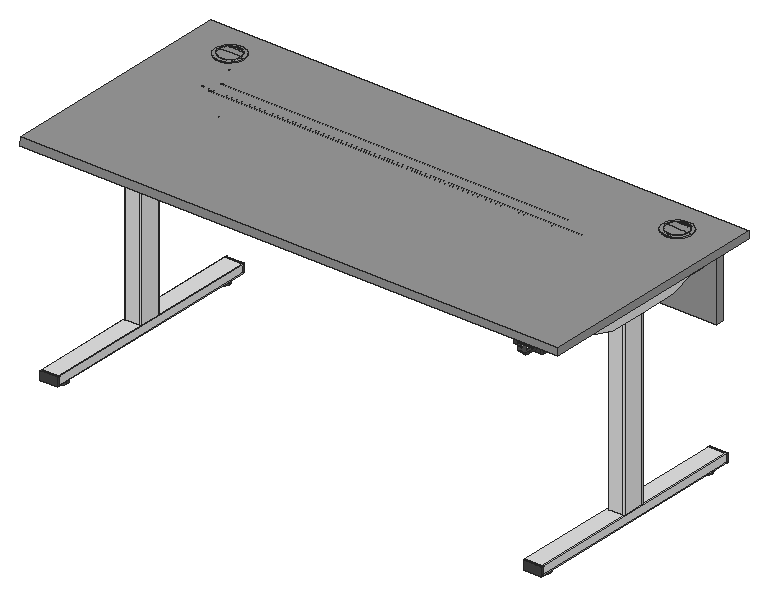
Revit family "Rise LT Rectangular Desk with Cable Ports", category Furniture, Revit 2016
Family settings
  OmniClass Number = 23.40.20.00
  OmniClass Title = General Furniture and Specialties
  Work Plane-Based = No
  Always vertical = Yes
  Cut with Voids When Loaded = No
  Shared = No
  Room Calculation Point = No
Parameters (values of type "1800 x 800 with Modesty Panel & Cable Tray")
  Width = 1800 mm
  URL = "www.gof.co.uk"
  Type Comments = ""
  Range = "RISE LT"
  Product Code = "HDLS18P"
  Modesty Panel Visible = yes
  Modesty Panel = "BTCPW18"
  HeightControl [instance] = if(Height < 720 mm, 720 mm, (if(Height > 1200 mm, 1200 mm, Height)))  # 727 mm
  Height [instance] = 727 mm
  Desktop = Gresham - Midnight Ash
  Model = ""
  Manufacturer = "Gresham Office Furniture"  # constant formula
  Frame = Gresham - Silver Metal
  Foot = Gresham - Black Plastic
  Cable Tray Visible = yes
  Cable Tray = "MECT18"
  Assembly Code = "E2020200"
Reference planes
  plane 1 "Center (Front/Back)": y = 0
  plane 2: z = 0
  plane 3 "Center (Left/Right)": x = 0
  plane 4: x = -900
  plane 5: x = 900
  plane 6 "Desktop Underside": z = 702
  plane 7: y = 400
  plane 8: y = -400
  plane 9 "Foot": z = 15
  plane 10: z = 727
  plane 11: x = 595.86
  plane 12: x = -595.86
  plane 13 "Control": x = 850
Forms (mm)
  Extrusion 1, solid, material "Gresham - Midnight Ash" <- "Desktop"
    sketch origin (0, 0, 702) x (-1, 0, 0) y (0, -1, 0)
      loop
        line (-900, 400) -> (-900, -400) -> (900, -400) -> (900, 400) -> (-900, 400)
    from 0 to 25
  Extrusion 2, solid, material "Gresham - Silver Metal" <- "Frame"
    sketch origin (-20.86, -302, 0) x (0, 1, 0) y (0, 0, 1)
      loop
        arc (344.5, 657) -> (346.621, 657.879) -> (347.5, 660) r 3
        line (347.5, 660) -> (347.5, 699)
        arc (347.5, 699) -> (346.621, 701.121) -> (344.5, 702) r 3
        line (344.5, 702) -> (307, 702) -> (307, 700) -> (344.5, 700)
        arc (344.5, 700) -> (345.207, 699.707) -> (345.5, 699) r 1
        line (345.5, 699) -> (345.5, 660)
        arc (345.5, 660) -> (345.207, 659.293) -> (344.5, 659) r 1
        line (344.5, 659) -> (310, 659)
        arc (310, 659) -> (309.293, 659.293) -> (309, 660) r 1
        line (309, 660) -> (309, 667) -> (307, 667) -> (307, 660)
        arc (307, 660) -> (307.879, 657.879) -> (310, 657) r 3
        line (310, 657) -> (344.5, 657)
    from -575 to 616.72
Dimensions and locks
  equal spacing: plane 4, plane 3 "Center (Left/Right)", plane 5
  "Width": plane 4 to plane 5
  equal spacing: plane 7, plane 1 "Center (Front/Back)", plane 8
  locked: plane 7 to plane 8 at 800
  locked: plane 2 to plane 9 "Foot" at 15
  "HeightControl": plane 10 to level
  plane 10 to plane 6 "Desktop Underside" = 25 mm
  locked: nested 1 to plane 5 at 60
  locked: plane 7 to nested 1 at 12
  locked: nested 2 to plane 4 at 60
  locked: Extrusion 2 sketch curve to Extrusion 2 sketch curve at 41
  locked: plane 7 to nested 2 at 12
  locked: plane 11 to plane 5 at 304.14
  locked: plane 4 to plane 12 at 304.14
  locked: plane 13 "Control" to plane 5 at 50
  locked: nested 4 to plane 5 at 150
  locked: plane 7 to nested 4 at 110
  locked: plane 4 to nested 5 at 150
  locked: plane 7 to nested 5 at 110
  locked: plane 4 to nested 6 at 87
  locked: plane 7 to nested 7 at 53.5
  locked: plane 6 "Desktop Underside" to nested 7 at 62
  aligned and locked: level to plane 2
  aligned and locked: plane 10 to Extrusion 1
  aligned and locked: plane 11 to Extrusion 2
  aligned and locked: plane 12 to Extrusion 2
  aligned and locked: nested 3 to plane 8
  aligned and locked: nested 3 to plane 13 "Control"
  aligned and locked: plane 6 "Desktop Underside" to nested 3
  aligned and locked: plane 10 to nested 4
  aligned and locked: nested 5 to plane 10
  aligned and locked: plane 6 "Desktop Underside" to nested 6
Automatic sketch dimensions
  Extrusion 2 sketch curve to Extrusion 2 sketch curve = 0 mm  (x7)
  Extrusion 2 sketch curve to plane 6 "Desktop Underside" = 0 mm
  Extrusion 2 sketch curve to plane 1 "Center (Front/Back)" = 5 mm
  Extrusion 2 sketch curve to plane 6 "Desktop Underside" = 2 mm
  Extrusion 2 sketch curve to Extrusion 2 sketch curve = 1 mm  (x2)
  Extrusion 2 sketch curve to Extrusion 2 sketch curve = 37.5 mm
  Extrusion 2 sketch curve to Extrusion 2 sketch curve = 34.5 mm
  Extrusion 2 sketch curve to Extrusion 2 sketch curve = 7 mm
  Extrusion 1 sketch curve to plane 5 = 0 mm
  Extrusion 1 sketch curve to plane 7 = 0 mm
  Extrusion 1 sketch curve to plane 4 = 0 mm
  plane 8 to Extrusion 1 sketch curve = 0 mm
Nested families
  nested 1: "Rise LT Leg" at (5, -202, 0), Height <- "HeightControl", type "Rise LT Leg"
    with HeightControl 727 mm, Height 727 mm
  nested 2: "Rise LT Leg" at (-5, -202, 0) x (-1, 0, 0) z (0, 0, 1), Height <- "HeightControl", type "Rise LT Leg"
    with HeightControl 727 mm, Height 727 mm
  nested 3: "Control" at (800, -367.5, 690), type "Controls"
  nested 4: "Cable Port" at (750, 290, 727), type "Round Port"
  nested 5: "Cable Port" at (-750, 290, 727) x (-1, 0, 0) z (0, 0, 1), type "Round Port"
  nested 6: "Modesty Panel" at (0, 0, 0), type "Modesty Panel"
    with HeightControl 727 mm, Height 727 mm
  nested 7: "Cable Tray" at (0, 0, -0.5), Height <- "Height", type "Cable Tray"
    with HeightControl 727 mm, Height 727 mm
Definition of nested family "Rise LT Leg"
  Parameters (values of type "Rise LT Leg")
    Width = 1800 mm
    URL = "www.gof.co.uk"
    Type Comments = ""
    Range = "RISE LT"
    Product Code = ""
    Model = ""
    Manufacturer = "Gresham Office Furniture"  # constant formula
    HeightControl [instance] = if(Height < 720 mm, 720 mm, (if(Height > 1200 mm, 1200 mm, Height)))  # 727 mm
    Height [instance] = 727 mm
    Frame = none
    Foot = none
    Bung = none
    Assembly Code = "E2020200"
  Reference planes
    plane 1 "Center (Front/Back)": y = 200
    plane 2: z = 0
    plane 3 "Center (Left/Right)": x = 0
    plane 4: x = -900
    plane 5: x = 900
    plane 6 "Desktop": z = 727
    plane 7: y = 600
    plane 8: y = -200
    plane 9 "Foot": z = 15
    plane 10 "Desktop Underside": z = 702
    plane 11 "Max Height": z = 1200
    plane 12 "Max Desktop Underside": z = 1175
  Forms (mm)
    Extrusion 1, solid, material <- "Frame"
      sketch origin (0, 0, 727) x (-1, 0, 0) y (0, -1, 0)
        loop
          line (-827.511, -240) -> (-782.511, -240)
          arc (-782.511, -240) -> (-778.976, -238.536) -> (-777.511, -235) r 5
          line (-777.511, -235) -> (-777.511, -165)
          arc (-777.511, -165) -> (-778.976, -161.464) -> (-782.511, -160) r 5
          line (-782.511, -160) -> (-827.511, -160)
          arc (-827.511, -160) -> (-831.047, -161.464) -> (-832.511, -165) r 5
          line (-832.511, -165) -> (-832.511, -235)
          arc (-832.511, -235) -> (-831.047, -238.536) -> (-827.511, -240) r 5
      from -682 to -82
    Extrusion 2, solid, material <- "Frame"
      sketch origin (0, 200, 0) x (1, 0, 0) y (0, 0, 1)
        loop
          line (833, 45) -> (777, 45)
          arc (777, 45) -> (775.586, 44.414) -> (775, 43) r 2
          line (775, 43) -> (775, 17)
          arc (775, 17) -> (775.586, 15.586) -> (777, 15) r 2
          line (777, 15) -> (833, 15)
          arc (833, 15) -> (834.414, 15.586) -> (835, 17) r 2
          line (835, 17) -> (835, 43)
          arc (835, 43) -> (834.414, 44.414) -> (833, 45) r 2
      from -385 to 385
    Extrusion 3, solid, material <- "Frame"
      sketch origin (0, 200, 70) x (1, 0, 0) y (0, 0, 1)
        loop
          line (842.511, 632) -> (590.86, 632) -> (590.86, 617)
          arc (590.86, 617) -> (599.647, 595.787) -> (620.86, 587) r 30
          line (620.86, 587) -> (842.511, 587) -> (842.511, 632)
      from -47.5 to 47.5
    Extrusion 4, solid, material <- "Frame"
      sketch origin (0, 200, 70) x (1, 0, 0) y (0, 0, 1)
        loop
          line (842.511, 632) -> (842.511, 622) -> (844.511, 622) -> (844.511, 630.159) -> (860.511, 630.159) -> (860.511, 579) -> (843.693, 579) -> (843.693, 582.43) -> (841.693, 582.43) -> (841.693, 577) -> (862.511, 577) -> (862.511, 632) -> (842.511, 632)
      from -275 to 275
    Extrusion 5, void
      sketch origin (870.011, 200, 1175) x (0, 0, 1) y (0, 1, 0)
        loop
          line (-528, 0) -> (-528, 125) -> (-483, 275) -> (-473, 275) -> (-473, 333.867) -> (-576.413, 333.867) -> (-576.413, 0) -> (-576.413, -333.867) -> (-473, -333.867) -> (-473, -275) -> (-483, -275) -> (-528, -125) -> (-528, 0)
      from -29.989 to 70.011
    Extrusion 6, solid, material <- "Frame"
      sketch origin (0, 0, 727) x (-1, 0, 0) y (0, -1, 0)
        loop
          line (-827.511, -238) -> (-782.511, -238)
          arc (-782.511, -238) -> (-780.39, -237.121) -> (-779.511, -235) r 3
          line (-779.511, -235) -> (-779.511, -165)
          arc (-779.511, -165) -> (-780.39, -162.879) -> (-782.511, -162) r 3
          line (-782.511, -162) -> (-827.511, -162)
          arc (-827.511, -162) -> (-829.633, -162.879) -> (-830.511, -165) r 3
          line (-830.511, -165) -> (-830.511, -235)
          arc (-830.511, -235) -> (-829.633, -237.121) -> (-827.511, -238) r 3
      from -82 to -70
    Revolve 7, solid, material <- "Foot"
      sketch origin (0, 540, 0) x (1, 0, 0) y (0, 0, 1)
        loop
          line (804.324, 0) -> (824.324, 0) -> (814.324, 15) -> (804.324, 15) -> (804.324, 0)
        axis (804.324, 15) -> (804.324, 0)
      angle from 0 to 360
    Revolve 8, solid, material <- "Foot"
      sketch origin (0, -140, 0) x (1, 0, 0) y (0, 0, -1)
        loop
          line (804.324, 0) -> (804.324, -15) -> (814.324, -15) -> (824.324, 0) -> (804.324, 0)
        axis (804.324, -15) -> (804.324, 0)
      angle from 0 to 360
    Extrusion 9, solid, material <- "Bung"
      sketch origin (0, 201.489, 0) x (1, 0, 0) y (0, 0, 1)
        loop
          line (833, 45) -> (777, 45)
          arc (777, 45) -> (775.586, 44.414) -> (775, 43) r 2
          line (775, 43) -> (775, 17)
          arc (775, 17) -> (775.586, 15.586) -> (777, 15) r 2
          line (777, 15) -> (833, 15)
          arc (833, 15) -> (834.414, 15.586) -> (835, 17) r 2
          line (835, 17) -> (835, 43)
          arc (835, 43) -> (834.414, 44.414) -> (833, 45) r 2
      from 386.489 to 391.489
    Extrusion 10, solid, material <- "Bung"
      sketch origin (0, 198.511, 0) x (1, 0, 0) y (0, 0, -1)
        loop
          arc (833, -45) -> (834.414, -44.414) -> (835, -43) r 2
          line (835, -43) -> (835, -17)
          arc (835, -17) -> (834.414, -15.586) -> (833, -15) r 2
          line (833, -15) -> (777, -15)
          arc (777, -15) -> (775.586, -15.586) -> (775, -17) r 2
          line (775, -17) -> (775, -43)
          arc (775, -43) -> (775.586, -44.414) -> (777, -45) r 2
          line (777, -45) -> (833, -45)
      from 386.489 to 391.489
  Cuts and joins
    Extrusion 5 cuts Extrusion 4
  Dimensions and locks
    equal spacing: plane 4, plane 3 "Center (Left/Right)", plane 5
    "Width": plane 4 to plane 5
    equal spacing: plane 7, plane 1 "Center (Front/Back)", plane 8
    locked: plane 7 to plane 8 at 800
    locked: plane 9 "Foot" to level at 15
    locked: plane 6 "Desktop" to plane 10 "Desktop Underside" at 25
    locked: plane 5 to Extrusion 2 at 65
    Extrusion 3 to Extrusion 3 = 95 mm
    plane 1 "Center (Front/Back)" to Extrusion 4 = 275 mm
    equal spacing: Extrusion 4, plane 1 "Center (Front/Back)", Extrusion 4
    plane 11 "Max Height" to level = 1200 mm
    locked: Extrusion 3 sketch curve to Extrusion 3 sketch curve at 45
    locked: Extrusion 5 sketch curve to Extrusion 5 sketch curve at 103.413
    "HeightControl": plane 6 "Desktop" to level
    locked: Extrusion 1 to level at 645
    locked: Extrusion 2 to Extrusion 2 at 30
    Extrusion 2 to Revolve 7 = 45 mm
    locked: Extrusion 9 to Extrusion 9 at 5
    locked: Extrusion 5 to plane 5 at 100
    locked: Extrusion 10 to Extrusion 10 at 5
    plane 9 "Foot" to level = 15 mm
    Revolve 8 to Extrusion 9 = 45 mm
    locked: Extrusion 3 to plane 5 at 309.14
    aligned and locked: level to plane 2
    aligned and locked: Extrusion 6 to Extrusion 3
    aligned and locked: Extrusion 6 to Extrusion 1
    aligned and locked: Extrusion 2 to plane 9 "Foot"
    aligned and locked: Extrusion 1 to Extrusion 2
    aligned and locked: Extrusion 2 to Extrusion 9
    aligned and locked: Extrusion 5 to plane 5
    aligned and locked: Extrusion 2 to Extrusion 10
  Automatic sketch dimensions
    plane 1 "Center (Front/Back)" to Extrusion 1 sketch curve = 35 mm
    plane 5 to Extrusion 1 sketch curve = 67.489 mm
    Extrusion 1 sketch curve to Extrusion 1 sketch curve = 5 mm  (x3)
    Extrusion 1 sketch curve to Extrusion 1 sketch curve = 45 mm  (x2)
    Extrusion 1 sketch curve to plane 1 "Center (Front/Back)" = 35 mm
    Extrusion 2 sketch curve to plane 9 "Foot" = 0 mm
    plane 9 "Foot" to Extrusion 2 sketch curve = 2 mm  (x2)
    plane 5 to Extrusion 2 sketch curve = 125 mm
    Extrusion 2 sketch curve to Extrusion 2 sketch curve = 2 mm
    Extrusion 2 sketch curve to Extrusion 2 sketch curve = 56 mm
    Extrusion 2 sketch curve to Extrusion 2 sketch curve = 0 mm
    Extrusion 2 sketch curve to Extrusion 2 sketch curve = 26 mm
    Extrusion 3 sketch curve to plane 10 "Desktop Underside" = 0 mm
    plane 3 "Center (Left/Right)" to Extrusion 3 sketch curve = 590.86 mm
    Extrusion 3 sketch curve to Extrusion 3 sketch curve = 30 mm
    plane 5 to Extrusion 3 sketch curve = 57.489 mm
    Extrusion 4 sketch curve to plane 10 "Desktop Underside" = 0 mm
    plane 5 to Extrusion 4 sketch curve = 58.307 mm
    Extrusion 4 sketch curve to plane 10 "Desktop Underside" = 10 mm
    Extrusion 4 sketch curve to Extrusion 4 sketch curve = 0.819 mm
    Extrusion 4 sketch curve to Extrusion 4 sketch curve = 2 mm  (x4)
    Extrusion 4 sketch curve to plane 10 "Desktop Underside" = 1.841 mm
    Extrusion 4 sketch curve to Extrusion 4 sketch curve = 16 mm
    Extrusion 4 sketch curve to Extrusion 4 sketch curve = 39.57 mm
    Extrusion 4 sketch curve to Extrusion 4 sketch curve = 3.43 mm
    Extrusion 5 sketch curve to plane 1 "Center (Front/Back)" = 0 mm  (x2)
    Extrusion 5 sketch curve to plane 10 "Desktop Underside" = 0 mm  (x2)
    Extrusion 5 sketch curve to plane 10 "Desktop Underside" = 55 mm
    Extrusion 5 sketch curve to plane 10 "Desktop Underside" = 10 mm  (x2)
    Extrusion 5 sketch curve to Extrusion 5 sketch curve = 125 mm
    plane 8 to Extrusion 5 sketch curve = 125 mm
    Extrusion 5 sketch curve to Extrusion 5 sketch curve = 58.867 mm
    Extrusion 5 sketch curve to plane 1 "Center (Front/Back)" = 125 mm
    Extrusion 5 sketch curve to plane 7 = 125 mm
    Extrusion 5 sketch curve to plane 7 = 66.133 mm
    plane 1 "Center (Front/Back)" to Extrusion 6 sketch curve = 35 mm
    plane 5 to Extrusion 6 sketch curve = 69.489 mm
    Extrusion 6 sketch curve to Extrusion 6 sketch curve = 3 mm  (x3)
    Extrusion 6 sketch curve to Extrusion 6 sketch curve = 45 mm  (x2)
    Extrusion 6 sketch curve to plane 1 "Center (Front/Back)" = 35 mm
    Revolve 7 sketch curve to level = 0 mm
    Revolve 7 sketch curve to plane 9 "Foot" = 0 mm  (x2)
    plane 5 to Revolve 7 sketch curve = 95.676 mm
    Revolve 7 sketch curve to Revolve 7 sketch curve = 10 mm  (x2)
    Revolve 7 sketch curve to Revolve 7 sketch curve = 0 mm
    Revolve 7 sketch curve to Revolve 7 sketch curve = 11.548 mm
    Revolve 8 sketch curve to level = 0 mm
    Revolve 8 sketch curve to plane 9 "Foot" = 0 mm  (x2)
    plane 5 to Revolve 8 sketch curve = 95.676 mm
    Revolve 8 sketch curve to Revolve 8 sketch curve = 10 mm  (x2)
    Revolve 8 sketch curve to Revolve 8 sketch curve = 0 mm
    Revolve 8 sketch curve to Revolve 8 sketch curve = 11.548 mm
    Extrusion 9 sketch curve to plane 9 "Foot" = 0 mm
    plane 9 "Foot" to Extrusion 9 sketch curve = 28 mm
    plane 5 to Extrusion 9 sketch curve = 125 mm
    Extrusion 9 sketch curve to Extrusion 9 sketch curve = 2 mm  (x3)
    Extrusion 9 sketch curve to Extrusion 9 sketch curve = 56 mm
    Extrusion 9 sketch curve to Extrusion 9 sketch curve = 0 mm
    Extrusion 10 sketch curve to plane 9 "Foot" = 0 mm
    plane 9 "Foot" to Extrusion 10 sketch curve = 28 mm
    plane 5 to Extrusion 10 sketch curve = 125 mm
    Extrusion 10 sketch curve to Extrusion 10 sketch curve = 2 mm  (x3)
    Extrusion 10 sketch curve to Extrusion 10 sketch curve = 56 mm
    Extrusion 10 sketch curve to Extrusion 10 sketch curve = 0 mm
Definition of nested family "Control"
  Parameters (values of type "Controls")
    URL = "www.gof.co.uk"
    Rubber Keys = none
    Range = "RANGE LT"
    Product Code = "Controls"
    Plastic Case = none
    Manufacturer = "Gresham Office Furniture"  # constant formula
  Reference planes
    plane 1 "Center (Front/Back)": y = 0
    plane 2: z = 0
    plane 3 "Center (Left/Right)": x = 0
  Forms (mm)
    Extrusion 1, solid, material <- "Plastic Case"
      sketch origin (0, 0, 0) x (1, 0, 0) y (0, 1, 0)
        loop
          arc (-45, 32.5) -> (-48.536, 31.036) -> (-50, 27.5) r 5
          line (-50, 27.5) -> (-50, -27.5)
          arc (-50, -27.5) -> (-48.536, -31.036) -> (-45, -32.5) r 5
          line (-45, -32.5) -> (45, -32.5)
          arc (45, -32.5) -> (48.536, -31.036) -> (50, -27.5) r 5
          line (50, -27.5) -> (50, 27.5)
          arc (50, 27.5) -> (48.536, 31.036) -> (45, 32.5) r 5
          line (45, 32.5) -> (-45, 32.5)
      from 0 to 12
    Sweep 2, solid, material <- "Plastic Case"
      path origin (0, 0, 2) x (0, 1, 0) y (0, 0, 1)
        loop
          line (-32.5, 6) -> (-36.392, 6)
          arc (-36.392, 6) -> (-37.474, 5.881) -> (-38.505, 5.532) r 5
          line (-38.505, 5.532) -> (-55.626, -2.452)
      profile origin (0, -34.446, 8) x (0, 0, -1) y (1, 0, 0)
        loop
          line (-4, 30) -> (-4, -30) -> (4, -30) -> (4, 30) -> (-4, 30)
    Extrusion 3, void
      sketch origin (-30, -40.195, 11.157) x (0, -0.906308, -0.422618) y (1, 0, 0)
        loop
          line (18.892, 75) -> (-7.33, 75) -> (-7.33, 60) -> (10.178, 50.091)
          arc (10.178, 50.091) -> (14.833, 46.912) -> (18.892, 43) r 33.579
          line (18.892, 43) -> (18.892, 75)
      from -13.674 to 7.77
    Extrusion 4, void
      sketch origin (30, -40.195, 11.157) x (0, -0.906308, -0.422618) y (1, 0, 0)
        loop
          line (18.892, -75) -> (18.892, -43)
          arc (18.892, -43) -> (14.833, -46.912) -> (10.178, -50.091) r 33.579
          line (10.178, -50.091) -> (-7.33, -60) -> (-7.33, -75) -> (18.892, -75)
      from -13.674 to 7.77
    Extrusion 5, solid, material <- "Rubber Keys"
      sketch origin (-30, -40.195, 11.157) x (0, -0.906308, -0.422618) y (1, 0, 0)
        loop
          line (0.281, 19.363) -> (8.531, 14.6) -> (8.531, 24.126) -> (0.281, 19.363)
        loop
          line (0.656, 35.874) -> (8.906, 40.637) -> (0.656, 45.4) -> (0.656, 35.874)
      from 0 to 1.5
  Cuts and joins
    Extrusion 3, Extrusion 4 cuts Sweep 2
  Dimensions and locks
    aligned and locked: level to plane 2
Definition of nested family "Cable Port"
  Parameters (values of type "Round Port")
    URL = "www.gof.co.uk"
    Range = "Round Cable Port"
    Product Code = "80mm Round Port"
    Round Cable Port = none
    Manufacturer = "Gresham Office Furniture"  # constant formula
  Reference planes
    plane 1 "Center (Front/Back)": y = 0
    plane 2: z = 0
    plane 3 "Center (Left/Right)": x = 0
  Forms (mm)
    Revolve 1, solid, material <- "Round Cable Port"
      sketch origin (0, 0, 0) x (1, 0, 0) y (0, 0, 1)
        loop
          line (0, 0) -> (47.5, 0) -> (47.5, 1)
          arc (47.5, 1) -> (42.507, 1.801) -> (37.5, 2.514) r 284.031
          line (37.5, 2.514) -> (37.5, 1.257) -> (36.5, 1.257) -> (36.5, 2.645)
          arc (36.5, 2.645) -> (18.288, 4.411) -> (0, 5) r 284.031
          line (0, 5) -> (0, 0)
        axis (0, 5) -> (0, 0)
      angle from 0 to 360
    Extrusion 2, void
      sketch origin (0, 0, 0) x (1, 0, 0) y (0, 1, 0)
        loop
          arc (-27.582, 25.406) -> (0, 21.5) -> (27.582, 25.406) r 99.34
          arc (27.582, 25.406) -> (0, 37.5) -> (-27.582, 25.406) r 37.5
      from -2.617 to 7.057
    Extrusion 3, solid, material <- "Round Cable Port"
      sketch origin (0, 0, 0) x (1, 0, 0) y (0, 1, 0)
        loop
          arc (27.582, 25.406) -> (0, 37.5) -> (-27.582, 25.406) r 37.5
          arc (-27.582, 25.406) -> (0, 21.5) -> (27.582, 25.406) r 99.34
      from 0 to 1
  Cuts and joins
    Extrusion 2 cuts Revolve 1
  Dimensions and locks
    aligned and locked: level to plane 2
Definition of nested family "Modesty Panel"
  Parameters (values of type "Modesty Panel")
    Width = 1800 mm
    URL = "www.gof.co.uk"
    Type Comments = ""
    Range = "RISE LT"
    Product Code = ""
    Modesty Panel Visible = yes
    Modesty Panel = none
    HeightControl [instance] = if(Height < 720 mm, 720 mm, (if(Height > 1200 mm, 1200 mm, Height)))  # 727 mm
    Height [instance] = 727 mm
    Desktop = none
    Model = ""
    Manufacturer = "Gresham Office Furniture"  # constant formula
    Frame = none
    Foot = none
    Assembly Code = "E2020200"
  Reference planes
    plane 1 "Center (Front/Back)": y = 0
    plane 2: z = 0
    plane 3 "Center (Left/Right)": x = 0
    plane 4: x = -900
    plane 5: x = 900
    plane 6 "Desktop Underside": z = 702
    plane 7: y = 400
    plane 8: y = -400
    plane 9 "Foot": z = 15
    plane 10: z = 727
    plane 11 "Modesty Panel": x = -593
    plane 12: x = 593
    plane 13: z = 425
    plane 14: z = 677
    plane 15: y = 375
    plane 16: x = 568
    plane 17: x = -568
    plane 18: x = -813
    plane 19: x = 813
  Forms (mm)
    Extrusion 1, solid, material <- "Frame", visible <- "Modesty Panel Visible"
      sketch origin (-593, 43.228, 0) x (0, 1, 0) y (0, 0, 1)
        loop
          line (161.772, 702) -> (161.772, 677) -> (306.772, 677) -> (306.772, 432) -> (331.772, 432) -> (331.772, 702) -> (161.772, 702)
      from 0 to 25
    Extrusion 2, solid, material <- "Frame", visible <- "Modesty Panel Visible"
      sketch origin (593, 43.228, 0) x (0, 1, 0) y (0, 0, -1)
        loop
          line (161.772, -702) -> (331.772, -702) -> (331.772, -432) -> (306.772, -432) -> (306.772, -677) -> (161.772, -677) -> (161.772, -702)
      from 0 to 25
    Extrusion 3, solid, material <- "Modesty Panel", visible <- "Modesty Panel Visible"
      sketch origin (0, 0, 0) x (0, 1, 0) y (0, 0, 1)
        loop
          line (375, 677) -> (375, 425) -> (400, 425) -> (400, 677) -> (375, 677)
      from -813 to 813
  Dimensions and locks
    equal spacing: plane 4, plane 3 "Center (Left/Right)", plane 5
    "Width": plane 4 to plane 5
    equal spacing: plane 7, plane 1 "Center (Front/Back)", plane 8
    locked: plane 7 to plane 8 at 800
    locked: plane 2 to plane 9 "Foot" at 15
    "HeightControl": plane 10 to level
    locked: plane 10 to plane 6 "Desktop Underside" at 25
    locked: Extrusion 1 sketch curve to Extrusion 1 sketch curve at 170
    locked: Extrusion 1 sketch curve to Extrusion 1 sketch curve at 25  (x2)
    locked: Extrusion 1 sketch curve to Extrusion 1 sketch curve at 270
    locked: Extrusion 1 to Extrusion 1 at 25
    locked: plane 7 to Extrusion 1 at 25
    locked: plane 11 "Modesty Panel" to plane 4 at 307
    locked: plane 12 to plane 5 at 307
    locked: Extrusion 2 sketch curve to Extrusion 2 sketch curve at 170
    locked: Extrusion 2 sketch curve to Extrusion 2 sketch curve at 25  (x2)
    locked: Extrusion 2 sketch curve to Extrusion 2 sketch curve at 270
    locked: Extrusion 2 to Extrusion 2 at 25
    locked: Extrusion 1 to plane 13 at 7
    locked: plane 6 "Desktop Underside" to plane 14 at 25
    locked: plane 7 to plane 15 at 25
    locked: plane 16 to plane 12 at 25
    locked: plane 17 to plane 11 "Modesty Panel" at 25
    locked: plane 13 to plane 14 at 252
    locked: plane 4 to plane 18 at 87
    locked: plane 19 to plane 5 at 87
    aligned and locked: level to plane 2
    aligned and locked: plane 6 "Desktop Underside" to Extrusion 1
    aligned and locked: Extrusion 1 to plane 11 "Modesty Panel"
    aligned and locked: Extrusion 2 to plane 12
    aligned and locked: Extrusion 3 to plane 14
    aligned and locked: Extrusion 3 to plane 13
    aligned and locked: Extrusion 3 to plane 18
    aligned and locked: Extrusion 3 to plane 19
  Automatic sketch dimensions
    Extrusion 1 sketch curve to plane 6 "Desktop Underside" = 0 mm
    Extrusion 1 sketch curve to plane 7 = 195 mm
    Extrusion 2 sketch curve to plane 6 "Desktop Underside" = 0 mm
    Extrusion 2 sketch curve to plane 7 = 195 mm
    Extrusion 3 sketch curve to plane 13 = 0 mm
    Extrusion 3 sketch curve to plane 15 = 0 mm
    Extrusion 3 sketch curve to plane 7 = 0 mm
    plane 14 to Extrusion 3 sketch curve = 0 mm
Definition of nested family "Cable Tray"
  Parameters (values of type "Cable Tray")
    Width = 1800 mm
    URL = "www.gof.co.uk"
    Type Comments = ""
    Range = "RISE LT"
    Product Code = ""
    Modesty Panel = none
    HeightControl [instance] = if(Height < 720 mm, 720 mm, (if(Height > 1200 mm, 1200 mm, Height)))  # 727 mm
    Height [instance] = 727 mm
    Desktop = none
    Model = ""
    Manufacturer = "Gresham Office Furniture"  # constant formula
    Frame = none
    Foot = none
    Cable Tray Clips = none
    Cable Tray = yes
    Assembly Code = "E2020200"
  Reference planes
    plane 1 "Center (Front/Back)": y = 0
    plane 2: z = 0
    plane 3 "Center (Left/Right)": x = 0
    plane 4: x = -900
    plane 5: x = 900
    plane 6 "Desktop Underside": z = 702
    plane 7: y = 400
    plane 8: y = -400
    plane 9 "Foot": z = 15
    plane 10: z = 727
    plane 11 "Cable Tray Left": x = -800
    plane 12 "Cable Tray Right": x = 800
  Forms (mm)
    Extrusion 1, solid, material <- "Frame", visible <- "Cable Tray"
      sketch origin (0, 12.089, -4.885) x (0, 1, 0) y (0, 0, 1)
        loop
          circle (301.911, 615.385) r 1.5
        loop
          circle (251.911, 615.385) r 1.5
        loop
          circle (220.911, 645.385) r 1.5
        loop
          circle (332.911, 645.385) r 1.5
      from -800 to 800
    Sweep 2, solid, material <- "Frame", visible <- "Cable Tray"
      path in 3D
        loop
          line (0, 341.76, 640.5) -> (0, 333.661, 615.573)
          arc (0, 333.661, 615.573) -> (0, 332.571, 614.073) -> (0, 330.808, 613.5) r 3
          line (0, 330.808, 613.5) -> (0, 247.192, 613.5)
          arc (0, 247.192, 613.5) -> (0, 245.429, 614.073) -> (0, 244.339, 615.573) r 3
          line (0, 244.339, 615.573) -> (0, 236.24, 640.5)
      profile origin (0, 289, 613.5) x (0, 0, 1) y (-1, 0, 0)
        loop
          circle (0, 0) r 1.5
    Sweep 3, solid, material <- "Frame", visible <- "Cable Tray", not visible
      path in 3D
        loop
          line (0, 329.671, 645.385) -> (0, 321.572, 620.458)
          arc (0, 321.572, 620.458) -> (0, 320.482, 618.958) -> (0, 318.719, 618.385) r 3
          line (0, 318.719, 618.385) -> (0, 235.103, 618.385)
          arc (0, 235.103, 618.385) -> (0, 233.34, 618.958) -> (0, 232.25, 620.458) r 3
          line (0, 232.25, 620.458) -> (0, 224.151, 645.385)
      profile origin (0, 276.911, 618.385) x (0, 0, 1) y (-1, 0, 0)
        loop
          circle (0, 0) r 1.5
    Sweep 4, solid, material <- "Frame", visible <- "Cable Tray"
      path in 3D
        loop
          line (800, 342.073, 640.5) -> (800, 333.974, 615.573)
          arc (800, 333.974, 615.573) -> (800, 332.884, 614.073) -> (800, 331.121, 613.5) r 3
          line (800, 331.121, 613.5) -> (800, 247.505, 613.5)
          arc (800, 247.505, 613.5) -> (800, 245.742, 614.073) -> (800, 244.652, 615.573) r 3
          line (800, 244.652, 615.573) -> (800, 236.553, 640.5)
      profile origin (800, 289.313, 613.5) x (0, 0, 1) y (-1, 0, 0)
        loop
          circle (0, 0) r 1.5
    Sweep 5, solid, material <- "Frame", visible <- "Cable Tray"
      path in 3D
        loop
          line (-800, 342.073, 640.5) -> (-800, 333.974, 615.573)
          arc (-800, 333.974, 615.573) -> (-800, 332.884, 614.073) -> (-800, 331.121, 613.5) r 3
          line (-800, 331.121, 613.5) -> (-800, 247.505, 613.5)
          arc (-800, 247.505, 613.5) -> (-800, 245.742, 614.073) -> (-800, 244.652, 615.573) r 3
          line (-800, 244.652, 615.573) -> (-800, 236.553, 640.5)
      profile origin (-800, 289.313, 613.5) x (0, 0, 1) y (-1, 0, 0)
        loop
          circle (0, 0) r 1.5
    Sweep 6, solid, material <- "Frame", visible <- "Cable Tray"
      path in 3D
        loop
          line (100, 341.76, 640.5) -> (100, 333.661, 615.573)
          arc (100, 333.661, 615.573) -> (100, 332.571, 614.073) -> (100, 330.808, 613.5) r 3
          line (100, 330.808, 613.5) -> (100, 247.192, 613.5)
          arc (100, 247.192, 613.5) -> (100, 245.429, 614.073) -> (100, 244.339, 615.573) r 3
          line (100, 244.339, 615.573) -> (100, 236.24, 640.5)
      profile origin (100, 289, 613.5) x (0, 0, 1) y (-1, 0, 0)
        loop
          circle (0, 0) r 1.5
    Sweep 7, solid, material <- "Frame", visible <- "Cable Tray"
      path in 3D
        loop
          line (300, 341.76, 640.5) -> (300, 333.661, 615.573)
          arc (300, 333.661, 615.573) -> (300, 332.571, 614.073) -> (300, 330.808, 613.5) r 3
          line (300, 330.808, 613.5) -> (300, 247.192, 613.5)
          arc (300, 247.192, 613.5) -> (300, 245.429, 614.073) -> (300, 244.339, 615.573) r 3
          line (300, 244.339, 615.573) -> (300, 236.24, 640.5)
      profile origin (300, 289, 613.5) x (0, 0, 1) y (-1, 0, 0)
        loop
          circle (0, 0) r 1.5
    Sweep 8, solid, material <- "Frame", visible <- "Cable Tray"
      path in 3D
        loop
          line (400, 341.76, 640.5) -> (400, 333.661, 615.573)
          arc (400, 333.661, 615.573) -> (400, 332.571, 614.073) -> (400, 330.808, 613.5) r 3
          line (400, 330.808, 613.5) -> (400, 247.192, 613.5)
          arc (400, 247.192, 613.5) -> (400, 245.429, 614.073) -> (400, 244.339, 615.573) r 3
          line (400, 244.339, 615.573) -> (400, 236.24, 640.5)
      profile origin (400, 289, 613.5) x (0, 0, 1) y (-1, 0, 0)
        loop
          circle (0, 0) r 1.5
    Sweep 9, solid, material <- "Frame", visible <- "Cable Tray"
      path in 3D
        loop
          line (500, 341.76, 640.5) -> (500, 333.661, 615.573)
          arc (500, 333.661, 615.573) -> (500, 332.571, 614.073) -> (500, 330.808, 613.5) r 3
          line (500, 330.808, 613.5) -> (500, 247.192, 613.5)
          arc (500, 247.192, 613.5) -> (500, 245.429, 614.073) -> (500, 244.339, 615.573) r 3
          line (500, 244.339, 615.573) -> (500, 236.24, 640.5)
      profile origin (500, 289, 613.5) x (0, 0, 1) y (-1, 0, 0)
        loop
          circle (0, 0) r 1.5
    Sweep 10, solid, material <- "Frame", visible <- "Cable Tray"
      path in 3D
        loop
          line (600, 341.76, 640.5) -> (600, 333.661, 615.573)
          arc (600, 333.661, 615.573) -> (600, 332.571, 614.073) -> (600, 330.808, 613.5) r 3
          line (600, 330.808, 613.5) -> (600, 247.192, 613.5)
          arc (600, 247.192, 613.5) -> (600, 245.429, 614.073) -> (600, 244.339, 615.573) r 3
          line (600, 244.339, 615.573) -> (600, 236.24, 640.5)
      profile origin (600, 289, 613.5) x (0, 0, 1) y (-1, 0, 0)
        loop
          circle (0, 0) r 1.5
    Sweep 11, solid, material <- "Frame", visible <- "Cable Tray"
      path in 3D
        loop
          line (700, 341.76, 640.5) -> (700, 333.661, 615.573)
          arc (700, 333.661, 615.573) -> (700, 332.571, 614.073) -> (700, 330.808, 613.5) r 3
          line (700, 330.808, 613.5) -> (700, 247.192, 613.5)
          arc (700, 247.192, 613.5) -> (700, 245.429, 614.073) -> (700, 244.339, 615.573) r 3
          line (700, 244.339, 615.573) -> (700, 236.24, 640.5)
      profile origin (700, 289, 613.5) x (0, 0, 1) y (-1, 0, 0)
        loop
          circle (0, 0) r 1.5
    Sweep 12, solid, material <- "Frame", visible <- "Cable Tray"
      path in 3D
        loop
          line (200, 341.76, 640.5) -> (200, 333.661, 615.573)
          arc (200, 333.661, 615.573) -> (200, 332.571, 614.073) -> (200, 330.808, 613.5) r 3
          line (200, 330.808, 613.5) -> (200, 247.192, 613.5)
          arc (200, 247.192, 613.5) -> (200, 245.429, 614.073) -> (200, 244.339, 615.573) r 3
          line (200, 244.339, 615.573) -> (200, 236.24, 640.5)
      profile origin (200, 289, 613.5) x (0, 0, 1) y (-1, 0, 0)
        loop
          circle (0, 0) r 1.5
    Sweep 13, solid, material <- "Frame", visible <- "Cable Tray"
      path in 3D
        loop
          line (-100, 341.76, 640.5) -> (-100, 333.661, 615.573)
          arc (-100, 333.661, 615.573) -> (-100, 332.571, 614.073) -> (-100, 330.808, 613.5) r 3
          line (-100, 330.808, 613.5) -> (-100, 247.192, 613.5)
          arc (-100, 247.192, 613.5) -> (-100, 245.429, 614.073) -> (-100, 244.339, 615.573) r 3
          line (-100, 244.339, 615.573) -> (-100, 236.24, 640.5)
      profile origin (-100, 289, 613.5) x (0, 0, 1) y (-1, 0, 0)
        loop
          circle (0, 0) r 1.5
    Sweep 14, solid, material <- "Frame", visible <- "Cable Tray"
      path in 3D
        loop
          line (-300, 341.76, 640.5) -> (-300, 333.661, 615.573)
          arc (-300, 333.661, 615.573) -> (-300, 332.571, 614.073) -> (-300, 330.808, 613.5) r 3
          line (-300, 330.808, 613.5) -> (-300, 247.192, 613.5)
          arc (-300, 247.192, 613.5) -> (-300, 245.429, 614.073) -> (-300, 244.339, 615.573) r 3
          line (-300, 244.339, 615.573) -> (-300, 236.24, 640.5)
      profile origin (-300, 289, 613.5) x (0, 0, 1) y (-1, 0, 0)
        loop
          circle (0, 0) r 1.5
    Sweep 15, solid, material <- "Frame", visible <- "Cable Tray"
      path in 3D
        loop
          line (-400, 341.76, 640.5) -> (-400, 333.661, 615.573)
          arc (-400, 333.661, 615.573) -> (-400, 332.571, 614.073) -> (-400, 330.808, 613.5) r 3
          line (-400, 330.808, 613.5) -> (-400, 247.192, 613.5)
          arc (-400, 247.192, 613.5) -> (-400, 245.429, 614.073) -> (-400, 244.339, 615.573) r 3
          line (-400, 244.339, 615.573) -> (-400, 236.24, 640.5)
      profile origin (-400, 289, 613.5) x (0, 0, 1) y (-1, 0, 0)
        loop
          circle (0, 0) r 1.5
    Sweep 16, solid, material <- "Frame", visible <- "Cable Tray"
      path in 3D
        loop
          line (-500, 341.76, 640.5) -> (-500, 333.661, 615.573)
          arc (-500, 333.661, 615.573) -> (-500, 332.571, 614.073) -> (-500, 330.808, 613.5) r 3
          line (-500, 330.808, 613.5) -> (-500, 247.192, 613.5)
          arc (-500, 247.192, 613.5) -> (-500, 245.429, 614.073) -> (-500, 244.339, 615.573) r 3
          line (-500, 244.339, 615.573) -> (-500, 236.24, 640.5)
      profile origin (-500, 289, 613.5) x (0, 0, 1) y (-1, 0, 0)
        loop
          circle (0, 0) r 1.5
    Sweep 17, solid, material <- "Frame", visible <- "Cable Tray"
      path in 3D
        loop
          line (-600, 341.76, 640.5) -> (-600, 333.661, 615.573)
          arc (-600, 333.661, 615.573) -> (-600, 332.571, 614.073) -> (-600, 330.808, 613.5) r 3
          line (-600, 330.808, 613.5) -> (-600, 247.192, 613.5)
          arc (-600, 247.192, 613.5) -> (-600, 245.429, 614.073) -> (-600, 244.339, 615.573) r 3
          line (-600, 244.339, 615.573) -> (-600, 236.24, 640.5)
      profile origin (-600, 289, 613.5) x (0, 0, 1) y (-1, 0, 0)
        loop
          circle (0, 0) r 1.5
    Sweep 18, solid, material <- "Frame", visible <- "Cable Tray"
      path in 3D
        loop
          line (-700, 341.76, 640.5) -> (-700, 333.661, 615.573)
          arc (-700, 333.661, 615.573) -> (-700, 332.571, 614.073) -> (-700, 330.808, 613.5) r 3
          line (-700, 330.808, 613.5) -> (-700, 247.192, 613.5)
          arc (-700, 247.192, 613.5) -> (-700, 245.429, 614.073) -> (-700, 244.339, 615.573) r 3
          line (-700, 244.339, 615.573) -> (-700, 236.24, 640.5)
      profile origin (-700, 289, 613.5) x (0, 0, 1) y (-1, 0, 0)
        loop
          circle (0, 0) r 1.5
    Sweep 19, solid, material <- "Frame", visible <- "Cable Tray"
      path in 3D
        loop
          line (-200, 341.76, 640.5) -> (-200, 333.661, 615.573)
          arc (-200, 333.661, 615.573) -> (-200, 332.571, 614.073) -> (-200, 330.808, 613.5) r 3
          line (-200, 330.808, 613.5) -> (-200, 247.192, 613.5)
          arc (-200, 247.192, 613.5) -> (-200, 245.429, 614.073) -> (-200, 244.339, 615.573) r 3
          line (-200, 244.339, 615.573) -> (-200, 236.24, 640.5)
      profile origin (-200, 289, 613.5) x (0, 0, 1) y (-1, 0, 0)
        loop
          circle (0, 0) r 1.5
    Extrusion 20, solid, material <- "Cable Tray Clips", visible <- "Cable Tray"
      sketch origin (615, 0, 0) x (0, 1, 0) y (0, 0, 1)
        loop
          arc (346.5, 640.5) -> (345, 639) -> (343.5, 640.5) r 1.5
          line (343.5, 640.5) -> (343.5, 645.926) -> (340.5, 645.926) -> (340.5, 640.5)
          arc (340.5, 640.5) -> (345, 636) -> (349.5, 640.5) r 4.5
          line (349.5, 640.5) -> (349.5, 677.5)
          arc (349.5, 677.5) -> (348.692, 680.415) -> (346.5, 682.5) r 5.667
          arc (346.5, 682.5) -> (322.774, 690.464) -> (297.984, 693.899) r 134.615
          line (297.984, 693.899) -> (297.984, 697) -> (303.984, 697) -> (303.984, 702) -> (279.984, 702) -> (279.984, 697) -> (285.984, 697) -> (285.984, 693.899)
          arc (285.984, 693.899) -> (261.193, 690.464) -> (237.467, 682.5) r 134.615
          arc (237.467, 682.5) -> (235.275, 680.415) -> (234.435, 677.5) r 5.667
          line (234.435, 677.5) -> (234.435, 670.5)
          arc (234.435, 670.5) -> (232.935, 669) -> (231.435, 670.5) r 1.5
          line (231.435, 670.5) -> (231.435, 675.5) -> (228.435, 675.5) -> (228.435, 670.5)
          arc (228.435, 670.5) -> (230.365, 666.806) -> (234.5, 666.281) r 4.5
          line (234.5, 666.281) -> (234.5, 640.5)
          arc (234.5, 640.5) -> (233, 639) -> (231.5, 640.5) r 1.5
          line (231.5, 640.5) -> (231.5, 645.5) -> (228.5, 645.5) -> (228.5, 640.5)
          arc (228.5, 640.5) -> (233, 636) -> (237.5, 640.5) r 4.5
          line (237.5, 640.5) -> (237.5, 677.793)
          arc (237.5, 677.793) -> (237.882, 679.174) -> (238.92, 680.161) r 2.683
          arc (238.92, 680.161) -> (291.984, 691.033) -> (345.047, 680.161) r 134.926
          arc (345.047, 680.161) -> (346.085, 679.174) -> (346.467, 677.793) r 2.683
          line (346.467, 677.793) -> (346.467, 670.5)
          arc (346.467, 670.5) -> (344.951, 668.984) -> (343.435, 670.5) r 1.516
          line (343.435, 670.5) -> (343.435, 675.5) -> (340.435, 675.5) -> (340.435, 670.5)
          arc (340.435, 670.5) -> (342.365, 666.806) -> (346.5, 666.281) r 4.5
          line (346.5, 666.281) -> (346.5, 640.5)
      from 0 to 25
    Extrusion 21, solid, material <- "Cable Tray Clips", visible <- "Cable Tray"
      sketch origin (-615, 0, 0) x (0, 1, 0) y (0, 0, -1)
        loop
          line (346.5, -640.5) -> (346.5, -666.281)
          arc (346.5, -666.281) -> (342.365, -666.806) -> (340.435, -670.5) r 4.5
          line (340.435, -670.5) -> (340.435, -675.5) -> (343.435, -675.5) -> (343.435, -670.5)
          arc (343.435, -670.5) -> (344.951, -668.984) -> (346.467, -670.5) r 1.516
          line (346.467, -670.5) -> (346.467, -677.793)
          arc (346.467, -677.793) -> (346.085, -679.174) -> (345.047, -680.161) r 2.683
          arc (345.047, -680.161) -> (291.984, -691.033) -> (238.92, -680.161) r 134.926
          arc (238.92, -680.161) -> (237.882, -679.174) -> (237.5, -677.793) r 2.683
          line (237.5, -677.793) -> (237.5, -640.5)
          arc (237.5, -640.5) -> (233, -636) -> (228.5, -640.5) r 4.5
          line (228.5, -640.5) -> (228.5, -645.5) -> (231.5, -645.5) -> (231.5, -640.5)
          arc (231.5, -640.5) -> (233, -639) -> (234.5, -640.5) r 1.5
          line (234.5, -640.5) -> (234.5, -666.281)
          arc (234.5, -666.281) -> (230.365, -666.806) -> (228.435, -670.5) r 4.5
          line (228.435, -670.5) -> (228.435, -675.5) -> (231.435, -675.5) -> (231.435, -670.5)
          arc (231.435, -670.5) -> (232.935, -669) -> (234.435, -670.5) r 1.5
          line (234.435, -670.5) -> (234.435, -677.5)
          arc (234.435, -677.5) -> (235.275, -680.415) -> (237.467, -682.5) r 5.667
          arc (237.467, -682.5) -> (261.193, -690.464) -> (285.984, -693.899) r 134.615
          line (285.984, -693.899) -> (285.984, -697) -> (279.984, -697) -> (279.984, -702) -> (303.984, -702) -> (303.984, -697) -> (297.984, -697) -> (297.984, -693.899)
          arc (297.984, -693.899) -> (322.774, -690.464) -> (346.5, -682.5) r 134.615
          arc (346.5, -682.5) -> (348.692, -680.415) -> (349.5, -677.5) r 5.667
          line (349.5, -677.5) -> (349.5, -640.5)
          arc (349.5, -640.5) -> (345, -636) -> (340.5, -640.5) r 4.5
          line (340.5, -640.5) -> (340.5, -645.926) -> (343.5, -645.926) -> (343.5, -640.5)
          arc (343.5, -640.5) -> (345, -639) -> (346.5, -640.5) r 1.5
      from 0 to 25
  Lines and regions (mm)
    model lines, not visible
      curve 1: arc (0, 315.5, 610.5) -> (0, 314, 612) -> (0, 312.5, 610.5) r 1.5
      curve 2: arc (0, 265.5, 610.5) -> (0, 264, 612) -> (0, 262.5, 610.5) r 1.5
      curve 3: line (0, 330.808, 613.5) -> (0, 247.192, 613.5)
      curve 4: line (0, 244.339, 615.573) -> (0, 236.24, 640.5)
      curve 5: arc (0, 247.192, 613.5) -> (0, 245.429, 614.073) -> (0, 244.339, 615.573) r 3
      curve 6: line (0, 333.661, 615.573) -> (0, 341.76, 640.5)
      curve 7: arc (0, 330.808, 613.5) -> (0, 332.571, 614.073) -> (0, 333.661, 615.573) r 3
      curve 13: arc (0, 303.411, 615.385) -> (0, 301.911, 616.885) -> (0, 300.411, 615.385) r 1.5
      curve 14: arc (0, 253.411, 615.385) -> (0, 251.911, 616.885) -> (0, 250.411, 615.385) r 1.5
      curve 15: line (0, 318.719, 618.385) -> (0, 235.103, 618.385)
      curve 16: line (0, 232.25, 620.458) -> (0, 224.151, 645.385)
      curve 17: arc (0, 235.103, 618.385) -> (0, 233.34, 618.958) -> (0, 232.25, 620.458) r 3
      curve 18: line (0, 321.572, 620.458) -> (0, 329.671, 645.385)
      curve 19: arc (0, 318.719, 618.385) -> (0, 320.482, 618.958) -> (0, 321.572, 620.458) r 3
      curve 25: arc (800, 315.813, 610.5) -> (800, 314.313, 612) -> (800, 312.813, 610.5) r 1.5
      curve 26: arc (800, 265.813, 610.5) -> (800, 264.313, 612) -> (800, 262.813, 610.5) r 1.5
      curve 27: line (800, 331.121, 613.5) -> (800, 247.505, 613.5)
      curve 28: line (800, 244.652, 615.573) -> (800, 236.553, 640.5)
      curve 29: arc (800, 247.505, 613.5) -> (800, 245.742, 614.073) -> (800, 244.652, 615.573) r 3
      curve 30: line (800, 333.974, 615.573) -> (800, 342.073, 640.5)
      curve 31: arc (800, 331.121, 613.5) -> (800, 332.884, 614.073) -> (800, 333.974, 615.573) r 3
      curve 37: arc (-800, 315.813, 610.5) -> (-800, 314.313, 612) -> (-800, 312.813, 610.5) r 1.5
      curve 38: arc (-800, 265.813, 610.5) -> (-800, 264.313, 612) -> (-800, 262.813, 610.5) r 1.5
      curve 39: line (-800, 331.121, 613.5) -> (-800, 247.505, 613.5)
      curve 40: line (-800, 244.652, 615.573) -> (-800, 236.553, 640.5)
      curve 41: arc (-800, 247.505, 613.5) -> (-800, 245.742, 614.073) -> (-800, 244.652, 615.573) r 3
      curve 42: line (-800, 333.974, 615.573) -> (-800, 342.073, 640.5)
      curve 43: arc (-800, 331.121, 613.5) -> (-800, 332.884, 614.073) -> (-800, 333.974, 615.573) r 3
      curve 49: arc (100, 315.5, 610.5) -> (100, 314, 612) -> (100, 312.5, 610.5) r 1.5
      curve 50: arc (100, 265.5, 610.5) -> (100, 264, 612) -> (100, 262.5, 610.5) r 1.5
      curve 51: line (100, 330.808, 613.5) -> (100, 247.192, 613.5)
      curve 52: line (100, 244.339, 615.573) -> (100, 236.24, 640.5)
      curve 53: arc (100, 247.192, 613.5) -> (100, 245.429, 614.073) -> (100, 244.339, 615.573) r 3
      curve 54: line (100, 333.661, 615.573) -> (100, 341.76, 640.5)
      curve 55: arc (100, 330.808, 613.5) -> (100, 332.571, 614.073) -> (100, 333.661, 615.573) r 3
      curve 61: arc (300, 315.5, 610.5) -> (300, 314, 612) -> (300, 312.5, 610.5) r 1.5
      curve 62: arc (300, 265.5, 610.5) -> (300, 264, 612) -> (300, 262.5, 610.5) r 1.5
      curve 63: line (300, 330.808, 613.5) -> (300, 247.192, 613.5)
      curve 64: line (300, 244.339, 615.573) -> (300, 236.24, 640.5)
      curve 65: arc (300, 247.192, 613.5) -> (300, 245.429, 614.073) -> (300, 244.339, 615.573) r 3
      curve 66: line (300, 333.661, 615.573) -> (300, 341.76, 640.5)
      curve 67: arc (300, 330.808, 613.5) -> (300, 332.571, 614.073) -> (300, 333.661, 615.573) r 3
      curve 73: arc (400, 315.5, 610.5) -> (400, 314, 612) -> (400, 312.5, 610.5) r 1.5
      curve 74: arc (400, 265.5, 610.5) -> (400, 264, 612) -> (400, 262.5, 610.5) r 1.5
      curve 75: line (400, 330.808, 613.5) -> (400, 247.192, 613.5)
      curve 76: line (400, 244.339, 615.573) -> (400, 236.24, 640.5)
      curve 77: arc (400, 247.192, 613.5) -> (400, 245.429, 614.073) -> (400, 244.339, 615.573) r 3
      curve 78: line (400, 333.661, 615.573) -> (400, 341.76, 640.5)
      curve 79: arc (400, 330.808, 613.5) -> (400, 332.571, 614.073) -> (400, 333.661, 615.573) r 3
      curve 85: arc (500, 315.5, 610.5) -> (500, 314, 612) -> (500, 312.5, 610.5) r 1.5
      curve 86: arc (500, 265.5, 610.5) -> (500, 264, 612) -> (500, 262.5, 610.5) r 1.5
      curve 87: line (500, 330.808, 613.5) -> (500, 247.192, 613.5)
      curve 88: line (500, 244.339, 615.573) -> (500, 236.24, 640.5)
      curve 89: arc (500, 247.192, 613.5) -> (500, 245.429, 614.073) -> (500, 244.339, 615.573) r 3
      curve 90: line (500, 333.661, 615.573) -> (500, 341.76, 640.5)
      curve 91: arc (500, 330.808, 613.5) -> (500, 332.571, 614.073) -> (500, 333.661, 615.573) r 3
      curve 97: arc (600, 315.5, 610.5) -> (600, 314, 612) -> (600, 312.5, 610.5) r 1.5
      curve 98: arc (600, 265.5, 610.5) -> (600, 264, 612) -> (600, 262.5, 610.5) r 1.5
      curve 99: line (600, 330.808, 613.5) -> (600, 247.192, 613.5)
      curve 100: line (600, 244.339, 615.573) -> (600, 236.24, 640.5)
      curve 101: arc (600, 247.192, 613.5) -> (600, 245.429, 614.073) -> (600, 244.339, 615.573) r 3
      curve 102: line (600, 333.661, 615.573) -> (600, 341.76, 640.5)
      curve 103: arc (600, 330.808, 613.5) -> (600, 332.571, 614.073) -> (600, 333.661, 615.573) r 3
      curve 109: arc (700, 315.5, 610.5) -> (700, 314, 612) -> (700, 312.5, 610.5) r 1.5
      curve 110: arc (700, 265.5, 610.5) -> (700, 264, 612) -> (700, 262.5, 610.5) r 1.5
      curve 111: line (700, 330.808, 613.5) -> (700, 247.192, 613.5)
      curve 112: line (700, 244.339, 615.573) -> (700, 236.24, 640.5)
      curve 113: arc (700, 247.192, 613.5) -> (700, 245.429, 614.073) -> (700, 244.339, 615.573) r 3
      curve 114: line (700, 333.661, 615.573) -> (700, 341.76, 640.5)
      curve 115: arc (700, 330.808, 613.5) -> (700, 332.571, 614.073) -> (700, 333.661, 615.573) r 3
      curve 121: arc (200, 315.5, 610.5) -> (200, 314, 612) -> (200, 312.5, 610.5) r 1.5
      curve 122: arc (200, 265.5, 610.5) -> (200, 264, 612) -> (200, 262.5, 610.5) r 1.5
      curve 123: line (200, 330.808, 613.5) -> (200, 247.192, 613.5)
      curve 124: line (200, 244.339, 615.573) -> (200, 236.24, 640.5)
      curve 125: arc (200, 247.192, 613.5) -> (200, 245.429, 614.073) -> (200, 244.339, 615.573) r 3
      curve 126: line (200, 333.661, 615.573) -> (200, 341.76, 640.5)
      curve 127: arc (200, 330.808, 613.5) -> (200, 332.571, 614.073) -> (200, 333.661, 615.573) r 3
      curve 133: arc (-100, 315.5, 610.5) -> (-100, 314, 612) -> (-100, 312.5, 610.5) r 1.5
      curve 134: arc (-100, 265.5, 610.5) -> (-100, 264, 612) -> (-100, 262.5, 610.5) r 1.5
      curve 135: line (-100, 330.808, 613.5) -> (-100, 247.192, 613.5)
      curve 136: line (-100, 244.339, 615.573) -> (-100, 236.24, 640.5)
      curve 137: arc (-100, 247.192, 613.5) -> (-100, 245.429, 614.073) -> (-100, 244.339, 615.573) r 3
      curve 138: line (-100, 333.661, 615.573) -> (-100, 341.76, 640.5)
      curve 139: arc (-100, 330.808, 613.5) -> (-100, 332.571, 614.073) -> (-100, 333.661, 615.573) r 3
      curve 145: arc (-300, 315.5, 610.5) -> (-300, 314, 612) -> (-300, 312.5, 610.5) r 1.5
      curve 146: arc (-300, 265.5, 610.5) -> (-300, 264, 612) -> (-300, 262.5, 610.5) r 1.5
      curve 147: line (-300, 330.808, 613.5) -> (-300, 247.192, 613.5)
      curve 148: line (-300, 244.339, 615.573) -> (-300, 236.24, 640.5)
      curve 149: arc (-300, 247.192, 613.5) -> (-300, 245.429, 614.073) -> (-300, 244.339, 615.573) r 3
      curve 150: line (-300, 333.661, 615.573) -> (-300, 341.76, 640.5)
      curve 151: arc (-300, 330.808, 613.5) -> (-300, 332.571, 614.073) -> (-300, 333.661, 615.573) r 3
      curve 157: arc (-400, 315.5, 610.5) -> (-400, 314, 612) -> (-400, 312.5, 610.5) r 1.5
      curve 158: arc (-400, 265.5, 610.5) -> (-400, 264, 612) -> (-400, 262.5, 610.5) r 1.5
      curve 159: line (-400, 330.808, 613.5) -> (-400, 247.192, 613.5)
      curve 160: line (-400, 244.339, 615.573) -> (-400, 236.24, 640.5)
      curve 161: arc (-400, 247.192, 613.5) -> (-400, 245.429, 614.073) -> (-400, 244.339, 615.573) r 3
      curve 162: line (-400, 333.661, 615.573) -> (-400, 341.76, 640.5)
      curve 163: arc (-400, 330.808, 613.5) -> (-400, 332.571, 614.073) -> (-400, 333.661, 615.573) r 3
      curve 169: arc (-500, 315.5, 610.5) -> (-500, 314, 612) -> (-500, 312.5, 610.5) r 1.5
      curve 170: arc (-500, 265.5, 610.5) -> (-500, 264, 612) -> (-500, 262.5, 610.5) r 1.5
      curve 171: line (-500, 330.808, 613.5) -> (-500, 247.192, 613.5)
      curve 172: line (-500, 244.339, 615.573) -> (-500, 236.24, 640.5)
      curve 173: arc (-500, 247.192, 613.5) -> (-500, 245.429, 614.073) -> (-500, 244.339, 615.573) r 3
      curve 174: line (-500, 333.661, 615.573) -> (-500, 341.76, 640.5)
      curve 175: arc (-500, 330.808, 613.5) -> (-500, 332.571, 614.073) -> (-500, 333.661, 615.573) r 3
      curve 181: arc (-600, 315.5, 610.5) -> (-600, 314, 612) -> (-600, 312.5, 610.5) r 1.5
      curve 182: arc (-600, 265.5, 610.5) -> (-600, 264, 612) -> (-600, 262.5, 610.5) r 1.5
      curve 183: line (-600, 330.808, 613.5) -> (-600, 247.192, 613.5)
      curve 184: line (-600, 244.339, 615.573) -> (-600, 236.24, 640.5)
      curve 185: arc (-600, 247.192, 613.5) -> (-600, 245.429, 614.073) -> (-600, 244.339, 615.573) r 3
      curve 186: line (-600, 333.661, 615.573) -> (-600, 341.76, 640.5)
      curve 187: arc (-600, 330.808, 613.5) -> (-600, 332.571, 614.073) -> (-600, 333.661, 615.573) r 3
      curve 193: arc (-700, 315.5, 610.5) -> (-700, 314, 612) -> (-700, 312.5, 610.5) r 1.5
      curve 194: arc (-700, 265.5, 610.5) -> (-700, 264, 612) -> (-700, 262.5, 610.5) r 1.5
      curve 195: line (-700, 330.808, 613.5) -> (-700, 247.192, 613.5)
      curve 196: line (-700, 244.339, 615.573) -> (-700, 236.24, 640.5)
      curve 197: arc (-700, 247.192, 613.5) -> (-700, 245.429, 614.073) -> (-700, 244.339, 615.573) r 3
      curve 198: line (-700, 333.661, 615.573) -> (-700, 341.76, 640.5)
      curve 199: arc (-700, 330.808, 613.5) -> (-700, 332.571, 614.073) -> (-700, 333.661, 615.573) r 3
      curve 205: arc (-200, 315.5, 610.5) -> (-200, 314, 612) -> (-200, 312.5, 610.5) r 1.5
      curve 206: arc (-200, 265.5, 610.5) -> (-200, 264, 612) -> (-200, 262.5, 610.5) r 1.5
      curve 207: line (-200, 330.808, 613.5) -> (-200, 247.192, 613.5)
      curve 208: line (-200, 244.339, 615.573) -> (-200, 236.24, 640.5)
      curve 209: arc (-200, 247.192, 613.5) -> (-200, 245.429, 614.073) -> (-200, 244.339, 615.573) r 3
      curve 210: line (-200, 333.661, 615.573) -> (-200, 341.76, 640.5)
      curve 211: arc (-200, 330.808, 613.5) -> (-200, 332.571, 614.073) -> (-200, 333.661, 615.573) r 3
    sketch lines
      curve 8: line (0, 330.808, 613.5) -> (0, 247.192, 613.5)
      curve 9: arc (0, 247.192, 613.5) -> (0, 245.429, 614.073) -> (0, 244.339, 615.573) r 3
      curve 10: line (0, 244.339, 615.573) -> (0, 236.24, 640.5)
      curve 11: line (0, 333.661, 615.573) -> (0, 341.76, 640.5)
      curve 12: arc (0, 330.808, 613.5) -> (0, 332.571, 614.073) -> (0, 333.661, 615.573) r 3
      curve 32: line (800, 331.121, 613.5) -> (800, 247.505, 613.5)
      curve 33: arc (800, 247.505, 613.5) -> (800, 245.742, 614.073) -> (800, 244.652, 615.573) r 3
      curve 34: line (800, 244.652, 615.573) -> (800, 236.553, 640.5)
      curve 35: line (800, 333.974, 615.573) -> (800, 342.073, 640.5)
      curve 36: arc (800, 331.121, 613.5) -> (800, 332.884, 614.073) -> (800, 333.974, 615.573) r 3
      curve 44: line (-800, 331.121, 613.5) -> (-800, 247.505, 613.5)
      curve 45: arc (-800, 247.505, 613.5) -> (-800, 245.742, 614.073) -> (-800, 244.652, 615.573) r 3
      curve 46: line (-800, 244.652, 615.573) -> (-800, 236.553, 640.5)
      curve 47: line (-800, 333.974, 615.573) -> (-800, 342.073, 640.5)
      curve 48: arc (-800, 331.121, 613.5) -> (-800, 332.884, 614.073) -> (-800, 333.974, 615.573) r 3
      curve 56: line (100, 330.808, 613.5) -> (100, 247.192, 613.5)
      curve 57: arc (100, 247.192, 613.5) -> (100, 245.429, 614.073) -> (100, 244.339, 615.573) r 3
      curve 58: line (100, 244.339, 615.573) -> (100, 236.24, 640.5)
      curve 59: line (100, 333.661, 615.573) -> (100, 341.76, 640.5)
      curve 60: arc (100, 330.808, 613.5) -> (100, 332.571, 614.073) -> (100, 333.661, 615.573) r 3
      curve 68: line (300, 330.808, 613.5) -> (300, 247.192, 613.5)
      curve 69: arc (300, 247.192, 613.5) -> (300, 245.429, 614.073) -> (300, 244.339, 615.573) r 3
      curve 70: line (300, 244.339, 615.573) -> (300, 236.24, 640.5)
      curve 71: line (300, 333.661, 615.573) -> (300, 341.76, 640.5)
      curve 72: arc (300, 330.808, 613.5) -> (300, 332.571, 614.073) -> (300, 333.661, 615.573) r 3
      curve 80: line (400, 330.808, 613.5) -> (400, 247.192, 613.5)
      curve 81: arc (400, 247.192, 613.5) -> (400, 245.429, 614.073) -> (400, 244.339, 615.573) r 3
      curve 82: line (400, 244.339, 615.573) -> (400, 236.24, 640.5)
      curve 83: line (400, 333.661, 615.573) -> (400, 341.76, 640.5)
      curve 84: arc (400, 330.808, 613.5) -> (400, 332.571, 614.073) -> (400, 333.661, 615.573) r 3
      curve 92: line (500, 330.808, 613.5) -> (500, 247.192, 613.5)
      curve 93: arc (500, 247.192, 613.5) -> (500, 245.429, 614.073) -> (500, 244.339, 615.573) r 3
      curve 94: line (500, 244.339, 615.573) -> (500, 236.24, 640.5)
      curve 95: line (500, 333.661, 615.573) -> (500, 341.76, 640.5)
      curve 96: arc (500, 330.808, 613.5) -> (500, 332.571, 614.073) -> (500, 333.661, 615.573) r 3
      curve 104: line (600, 330.808, 613.5) -> (600, 247.192, 613.5)
      curve 105: arc (600, 247.192, 613.5) -> (600, 245.429, 614.073) -> (600, 244.339, 615.573) r 3
      curve 106: line (600, 244.339, 615.573) -> (600, 236.24, 640.5)
      curve 107: line (600, 333.661, 615.573) -> (600, 341.76, 640.5)
      curve 108: arc (600, 330.808, 613.5) -> (600, 332.571, 614.073) -> (600, 333.661, 615.573) r 3
      curve 116: line (700, 330.808, 613.5) -> (700, 247.192, 613.5)
      curve 117: arc (700, 247.192, 613.5) -> (700, 245.429, 614.073) -> (700, 244.339, 615.573) r 3
      curve 118: line (700, 244.339, 615.573) -> (700, 236.24, 640.5)
      curve 119: line (700, 333.661, 615.573) -> (700, 341.76, 640.5)
      curve 120: arc (700, 330.808, 613.5) -> (700, 332.571, 614.073) -> (700, 333.661, 615.573) r 3
      curve 128: line (200, 330.808, 613.5) -> (200, 247.192, 613.5)
      curve 129: arc (200, 247.192, 613.5) -> (200, 245.429, 614.073) -> (200, 244.339, 615.573) r 3
      curve 130: line (200, 244.339, 615.573) -> (200, 236.24, 640.5)
      curve 131: line (200, 333.661, 615.573) -> (200, 341.76, 640.5)
      curve 132: arc (200, 330.808, 613.5) -> (200, 332.571, 614.073) -> (200, 333.661, 615.573) r 3
      curve 140: line (-100, 330.808, 613.5) -> (-100, 247.192, 613.5)
      curve 141: arc (-100, 247.192, 613.5) -> (-100, 245.429, 614.073) -> (-100, 244.339, 615.573) r 3
      curve 142: line (-100, 244.339, 615.573) -> (-100, 236.24, 640.5)
      curve 143: line (-100, 333.661, 615.573) -> (-100, 341.76, 640.5)
      curve 144: arc (-100, 330.808, 613.5) -> (-100, 332.571, 614.073) -> (-100, 333.661, 615.573) r 3
      curve 152: line (-300, 330.808, 613.5) -> (-300, 247.192, 613.5)
      curve 153: arc (-300, 247.192, 613.5) -> (-300, 245.429, 614.073) -> (-300, 244.339, 615.573) r 3
      curve 154: line (-300, 244.339, 615.573) -> (-300, 236.24, 640.5)
      curve 155: line (-300, 333.661, 615.573) -> (-300, 341.76, 640.5)
      curve 156: arc (-300, 330.808, 613.5) -> (-300, 332.571, 614.073) -> (-300, 333.661, 615.573) r 3
      curve 164: line (-400, 330.808, 613.5) -> (-400, 247.192, 613.5)
      curve 165: arc (-400, 247.192, 613.5) -> (-400, 245.429, 614.073) -> (-400, 244.339, 615.573) r 3
      curve 166: line (-400, 244.339, 615.573) -> (-400, 236.24, 640.5)
      curve 167: line (-400, 333.661, 615.573) -> (-400, 341.76, 640.5)
